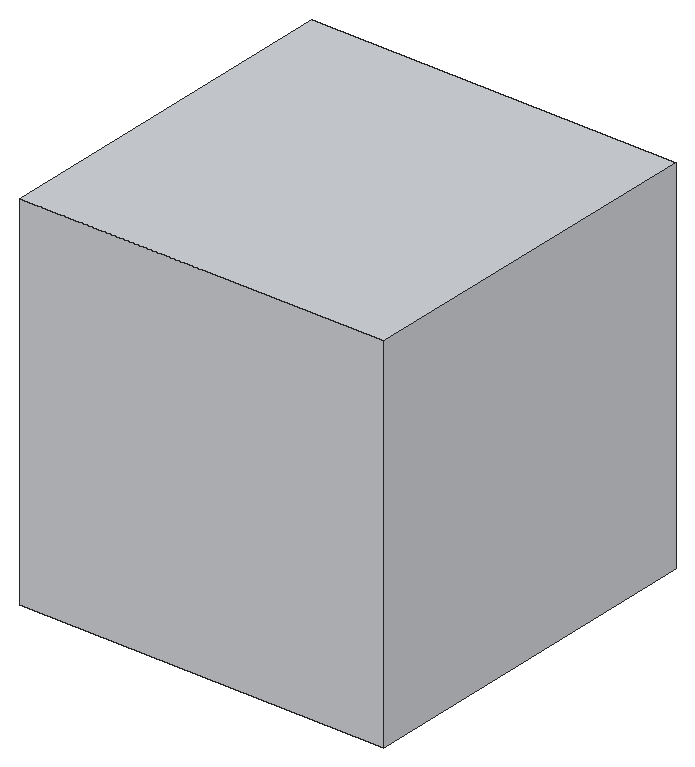
Revit family "Chiclet Family", category Generic Models, Revit 2018
Family settings
  Can host rebar = No
  Round Connector Dimension = Use Diameter
  Part Type = Normal
  Work Plane-Based = No
  Always vertical = Yes
  Cut with Voids When Loaded = No
  Shared = No
  Room Calculation Point = No
Parameters
  Width [instance] = 5' - 0"
  Length [instance] = 5' - 0"
  Height [instance] = 5' - 0"
Reference planes (in)
  plane 1 "Center (Front/Back)": y = 0
  plane 2: z = 0
  plane 3 "Center (Left/Right)": x = 0
  plane 4: y = -60
  plane 5: x = 60
  plane 6: z = 60
Forms (in)
  Sweep 1, solid
    path origin (0, 0, 0) x (1, 0, 0) y (0, 0, 1)
      loop
        line (0, 0) -> (0, 60)
    profile origin (0, 0, 30) x (-1, 0, 0) y (0, -1, 0)
      loop
        line (0, 0) -> (0, 60) -> (-60, 60) -> (-60, 0) -> (0, 0)
Dimensions and locks (in)
  "Height": plane 6 to level
  "Width": plane 3 "Center (Left/Right)" to plane 5
  "Length": plane 1 "Center (Front/Back)" to plane 4
  aligned and locked: plane 2 to level
  aligned and locked: Sweep 1 sketch curve to plane 4
  aligned and locked: Sweep 1 sketch curve to plane 5
  aligned and locked: plane 6 to Sweep 1 sketch curve
  aligned and locked: level to Sweep 1 sketch curve
  aligned and locked: plane 1 "Center (Front/Back)" to Sweep 1 sketch curve
  aligned and locked: Sweep 1 sketch curve to plane 3 "Center (Left/Right)"
Automatic sketch dimensions
  Sweep 1 sketch curve to plane 3 "Center (Left/Right)" = 0' - 0"
